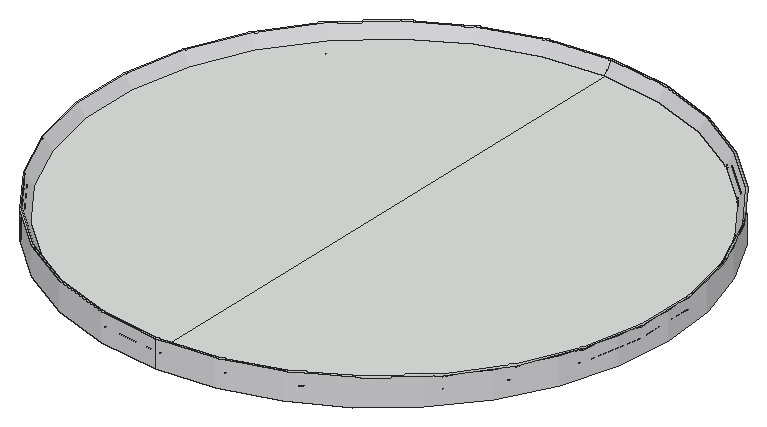
Revit family "Furniture-Mirror-KOHLER-Essential-K-26050", category Specialty Equipment, host Face, Revit 2022
Family settings
  Host = Face
  Round Connector Dimension = Use Diameter
  Part Type = Normal
  OmniClass Number = 23.21.37.13.15
  OmniClass Title = Mirrors
  Cut with Voids When Loaded = No
  Maintain Annotation Orientation = No
  Shared = No
  Room Calculation Point = No
Parameters (values of type "CPL-Polished Chrome")
  Width = 28 1/8"  # constant formula
  WaterSense Certified = 1 = 0  # no
  URL = "http://www.us.kohler.com/us/"
  Type = 3
  Product Page URL = "http://www.us.kohler.com/us/catalog/productDetails.jsp?productNumber=26050"
  Product Name = "Essential"  # constant formula
  Product Documentation Link = "https://www.us.kohler.com/webassets/kpna/catalog/pdf/en/K-26050_spec_US-CA_Kohler_en.pdf"
  Model = if(Type = 1, "K-26050-BGL", if(Type = 2, "K-26050-BLL", if(Type = 3, "K-26050-CPL", if(Type = 4, "K-26050-BNL", "NA"))))  # "K-26050-CPL"
  Material = "Premium Metal Construction"  # constant formula
  Master Format 2014 Name = "Cabinet and Drawer Hardware"  # constant formula
  Master Format 2014 = "06 41 93"  # constant formula
  Manufacturer Address = "Kohler Co.444 Highland Dr.Kohler, WI 53044"  # constant formula
  Manufacturer = "Kohler Co."  # constant formula
  Length = 1 3/8"  # constant formula
  Height = 28 1/8"  # constant formula
  Finish = KOHLER-Metal-CPL-Polished_Chrome
  Environmental Product Declaration = ""
  Description = "Round 28 Inch Mirror"  # constant formula
  Default Elevation = 60"
  Declare Label = ""
  Date Modified = "07/06/2025"  # constant formula
  Date Created = "05/09/2024"  # constant formula
  Copyright = "Copyright Kohler Co."  # constant formula
  Contact Us = "https://www.us.kohler.com/us/static/contact.jsp"
  Assembly Code = "E20"
  ADA Compliant = 1 = 0  # no
Types (5): name | Type | Model | Finish
  (no name) | 3 | "K-26050-CPL" | KOHLER-Metal-CPL-Polished_Chrome
  BGL-Moderne Brushed Gold | 1 | "K-26050-BGL" | KOHLER-Metal-BGL-Moderne_Brushed_Gold
  BLL-Matte Black | 2 | "K-26050-BLL" | KOHLER-Metal-BLL-Matte_Black
  CPL-Polished Chrome | 3 | "K-26050-CPL" | KOHLER-Metal-CPL-Polished_Chrome
  BNL-Brushed Nickel | 4 | "K-26050-BNL" | KOHLER-Metal-BNL-Brushed_Nickel
Reference planes (in)
  plane 1 "Center (Front/Back)": y = 0
  plane 2: z = 0
  plane 3 "Center (Left/Right)": x = 0
  plane 4: y = 14.0625
  plane 5: y = -14.0625
  plane 6: x = -14.0625
  plane 7: x = 14.0625
  plane 8: y = 13.90625
  plane 9: y = -13.90625
  plane 10: x = -13.90625
  plane 11: x = 13.90625
  plane 12: z = 1.375
  plane 13: x = -9.84252
  plane 14: x = 9.84252
  plane 15: y = 8.55979
  plane 16: y = 5.41019
Dimensions and locks (in)
  "Width": plane 6 to plane 7
  "Height": plane 4 to plane 5
  "Length": plane 12 to level
  plane 15 to plane 16 = 3.14961"
  plane 4 to plane 15 = 5.50271"
  plane 13 to plane 3 "Center (Left/Right)" = 9.84252"
  plane 13 to plane 14 = 19.68504"
  aligned and locked: plane 2 to host face
  aligned and locked: level to host face
  aligned and locked: plane 3 "Center (Left/Right)" to nested 1
  aligned and locked: plane 1 "Center (Front/Back)" to nested 1
  aligned and locked: plane 4 to nested 1
  aligned and locked: plane 6 to nested 1
  aligned and locked: plane 7 to nested 1
  aligned and locked: plane 5 to nested 1
Automatic sketch dimensions
  host sketch curve to host sketch curve = 96"  (x2)
Nested families (in)
  nested 1: "K-26050" at (0, 0, 0), type "K-26050"
Definition of nested family "K-26050"
  Parameters
    Material = none
    Default Elevation = 0"
  Reference planes (in)
    plane 1 "Center (Front/Back)": y = 0
    plane 2: z = 0
    plane 3 "Center (Left/Right)": x = 0
    plane 4: x = -14.0625
    plane 5: x = 14.0625
    plane 6: x = -13.90625
    plane 7: x = 13.90625
    plane 8: y = 14.0625
    plane 9: y = -14.0625
    plane 10: y = 13.90625
    plane 11: y = -13.90625
    plane 12: z = 1.375
    plane 13: x = -6.875
    plane 14: y = 6.875
    plane 15: x = 6.875
    plane 16: z = 0.62663
  Forms (in)
    Revolve 1, solid, material <- "Material", detail levels medium+fine
      sketch origin (0, 0, 0) x (0, 1, 0) y (0, 0, 1)
        loop
          arc (14.04405, 1.34837) -> (14.02061, 1.37919) -> (13.98464, 1.36485) r 0.03199
          line (13.98464, 1.36485) -> (13.63778, 0.78757) -> (13.93805, 0.78757) -> (13.93805, 1.03033) -> (13.88571, 1.03033) -> (13.88571, 0.85438) -> (13.73593, 0.85438) -> (13.99333, 1.28278) -> (13.99333, 0) -> (14.04405, 0) -> (14.04405, 1.34837)
        axis (0, 1.36485) -> (0, 0)
      angle from 0 to 360
    Revolve 2, solid, detail levels medium+fine
      sketch origin (0, 0, 0) x (0, 1, 0) y (0, 0, 1)
        loop
          line (0, 0.7874) -> (0, 0.62992) -> (13.83451, 0.62992)
          arc (13.83451, 0.62992) -> (13.88524, 0.65093) -> (13.90625, 0.70166) r 0.07174
          line (13.90625, 0.70166) -> (13.90625, 0.75665)
          arc (13.90625, 0.75665) -> (13.89724, 0.7784) -> (13.8755, 0.7874) r 0.03075
          line (13.8755, 0.7874) -> (0, 0.7874)
        axis (0, 0.7874) -> (0, 0.62992)
      angle from 0 to 360
    Revolve 3, solid, material <- "Material", detail levels coarse
      sketch origin (0, 0, 0) x (0, 1, 0) y (0, 0, 1)
        loop
          line (14.0625, 1.375) -> (13.8125, 1.375) -> (13.8125, 0.78953) -> (13.90625, 0.78953) -> (13.90625, 0) -> (14.0625, 0) -> (14.0625, 1.375)
        axis (0, 1.375) -> (0, 0)
      angle from 0 to 360
    Revolve 4, solid, detail levels coarse
      sketch origin (0, 0, 0) x (0, 1, 0) y (0, 0, 1)
        loop
          line (13.90625, 0.78953) -> (0, 0.78953) -> (0, 0.62663) -> (13.90625, 0.62663) -> (13.90625, 0.78953)
        axis (0, 0.78953) -> (0, 0.62663)
      angle from 0 to 360
    Extrusion 5, solid
      sketch origin (0, 0, 0) x (0, 1, 0) y (0, 0, 1)
        loop
          line (8.58438, 0.60531) -> (5.55289, 0.60531) -> (5.55289, 0.54626) -> (8.58438, 0.54626)
          arc (8.58438, 0.54626) -> (8.62614, 0.52896) -> (8.64344, 0.4872) r 0.05906
          line (8.64344, 0.4872) -> (8.64344, 0.11319)
          arc (8.64344, 0.11319) -> (8.62614, 0.07143) -> (8.58438, 0.05413) r 0.05906
          line (8.58438, 0.05413) -> (6.73399, 0.05413) -> (6.73399, -0.00492) -> (8.58438, -0.00492)
          arc (8.58438, -0.00492) -> (8.6679, 0.02967) -> (8.70249, 0.11319) r 0.11811
          line (8.70249, 0.11319) -> (8.70249, 0.4872)
          arc (8.70249, 0.4872) -> (8.6679, 0.57072) -> (8.58438, 0.60531) r 0.11811
      from -9.85814 to 9.82689
    Extrusion 6, void
      sketch origin (0, 0, 0) x (1, 0, 0) y (0, 1, 0)
        loop
          arc (9.82689, 7.12769) -> (9.71158, 6.8493) -> (9.43319, 6.73399) r 0.3937
          line (9.43319, 6.73399) -> (9.20257, 6.73399)
          arc (9.20257, 6.73399) -> (9.05191, 6.76396) -> (8.92418, 6.8493) r 0.3937
          line (8.92418, 6.8493) -> (8.7611, 7.01238)
          arc (8.7611, 7.01238) -> (8.67576, 7.1401) -> (8.64579, 7.29077) r 0.3937
          line (8.64579, 7.29077) -> (8.64579, 7.40328)
          arc (8.64579, 7.40328) -> (8.6112, 7.4868) -> (8.52768, 7.52139) r 0.11811
          line (8.52768, 7.52139) -> (-8.55893, 7.52139)
          arc (-8.55893, 7.52139) -> (-8.64245, 7.4868) -> (-8.67704, 7.40328) r 0.11811
          line (-8.67704, 7.40328) -> (-8.67704, 7.29077)
          arc (-8.67704, 7.29077) -> (-8.70701, 7.1401) -> (-8.79235, 7.01238) r 0.3937
          line (-8.79235, 7.01238) -> (-8.95543, 6.8493)
          arc (-8.95543, 6.8493) -> (-9.08316, 6.76396) -> (-9.23382, 6.73399) r 0.3937
          line (-9.23382, 6.73399) -> (-9.46444, 6.73399)
          arc (-9.46444, 6.73399) -> (-9.74283, 6.8493) -> (-9.85814, 7.12769) r 0.3937
          line (-9.85814, 7.12769) -> (-9.85814, 8.70249) -> (-10.75177, 8.70249) -> (-10.75177, 6.3424) -> (10.39046, 6.3424) -> (10.39046, 8.70249) -> (9.82689, 8.70249) -> (9.82689, 7.12769)
      from -0.43689 to 0.17022
    Extrusion 7, solid, detail levels coarse
      sketch origin (0, 0, 0) x (0, 1, 0) y (0, 0, 1)
        loop
          line (7.74498, 0.16918) -> (7.44022, 0.14251)
          arc (7.44022, 0.14251) -> (7.42513, 0.13507) -> (7.41903, 0.11939) r 0.02321
          line (7.41903, 0.11939) -> (7.41903, 0.08699) -> (7.20148, 0.08699) -> (7.05547, 0.08699)
          arc (7.05547, 0.08699) -> (7.03972, 0.08047) -> (7.0332, 0.06472) r 0.02227
          line (7.0332, 0.06472) -> (7.0332, 0.03152)
          arc (7.0332, 0.03152) -> (7.04473, 0.00368) -> (7.07257, -0.00785) r 0.03937
          line (7.07257, -0.00785) -> (7.5017, -0.00785)
          arc (7.5017, -0.00785) -> (7.51562, -0.00209) -> (7.52139, 0.01183) r 0.01969
          line (7.52139, 0.01183) -> (7.52139, 0.07087) -> (7.74454, 0.0904)
          arc (7.74454, 0.0904) -> (7.882, 0.12835) -> (7.99692, 0.21277) r 0.3937
          line (7.99692, 0.21277) -> (8.14786, 0.37315)
          arc (8.14786, 0.37315) -> (8.14629, 0.4252) -> (8.09423, 0.42363) r 0.03683
          line (8.09423, 0.42363) -> (7.94689, 0.26707)
          arc (7.94689, 0.26707) -> (7.85495, 0.19954) -> (7.74498, 0.16918) r 0.31496
      from -8.08649 to 8.05524
  Cuts and joins
    Extrusion 6 cuts Extrusion 5
  Lines and regions (in)
    Masking region 1
      outline origin (0, 0, 0) x (0, 1, 0) y (0, 0, 1)
        loop
          line (14.04041, 1.375) -> (-14.04041, 1.375)
          arc (-14.04041, 1.375) -> (-14.05603, 1.36853) -> (-14.0625, 1.35291) r 0.02209
          line (-14.0625, 1.35291) -> (-14.0625, 0) -> (14.0625, 0) -> (14.0625, 1.35291)
          arc (14.0625, 1.35291) -> (14.05603, 1.36853) -> (14.04041, 1.375) r 0.02209
    Masking region 2
      outline origin (0, 0, 0) x (1, 0, 0) y (0, 0, 1)
        loop
          line (-14.0625, 1.35433) -> (-14.0625, 0) -> (14.0625, 0) -> (14.0625, 1.35433)
          arc (14.0625, 1.35433) -> (14.05644, 1.36894) -> (14.04183, 1.375) r 0.02067
          line (14.04183, 1.375) -> (-14.04183, 1.375)
          arc (-14.04183, 1.375) -> (-14.05644, 1.36894) -> (-14.0625, 1.35433) r 0.02067
    Masking region 3
      outline origin (0, 0, 0) x (1, 0, 0) y (0, 1, 0)
        loop
          arc (0, 14.0625) -> (-9.94369, 9.94369) -> (-14.0625, 0) r 14.0625
          arc (-14.0625, 0) -> (-9.94369, -9.94369) -> (0, -14.0625) r 14.0625
          arc (0, -14.0625) -> (9.94369, -9.94369) -> (14.0625, 0) r 14.0625
          arc (14.0625, 0) -> (9.94369, 9.94369) -> (0, 14.0625) r 14.0625
    symbolic lines, detail levels medium+fine
      curve 1: arc (0, 13.90625, 0) -> (-9.8332, 9.8332, 0) -> (-13.90625, 0, 0) r 13.90625
      curve 2: arc (0, -13.90625, 0) -> (-9.8332, -9.8332, 0) -> (-13.90625, 0, 0) r 13.90625
      curve 3: arc (0, -13.90625, 0) -> (9.8332, -9.8332, 0) -> (13.90625, 0, 0) r 13.90625
      curve 4: arc (0, 13.90625, 0) -> (9.8332, 9.8332, 0) -> (13.90625, 0, 0) r 13.90625
  Dimensions and locks (in)
    plane 4 to plane 5 = 28 1/8"
    plane 6 to plane 7 = 27 13/16"
    plane 12 to level = 1 3/8"
    plane 13 to plane 3 "Center (Left/Right)" = 6 7/8"
    plane 1 "Center (Front/Back)" to plane 14 = 6 7/8"
    aligned and locked: plane 2 to level
    aligned and locked: Masking region 2 sketch curve to plane 4
    aligned and locked: plane 10 to Revolve 4 sketch curve
